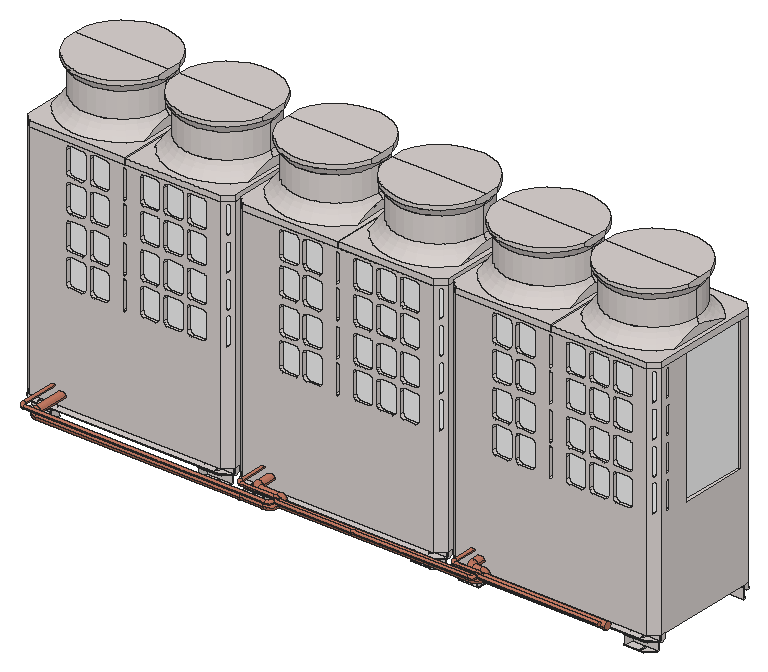
Revit family "PUHY-P1350YSNW-A1", category 機械設備, Revit 2016
Family settings
  パーツ タイプ = 標準
  丸型コネクタ寸法 = 半径を使用
  OmniClass 番号 = 23.75.00.00
  OmniClass タイトル = Climate Control (HVAC)
  作業面に基づく = いいえ
  常に垂直 = はい
  ロード時にボイドで切り取り = いいえ
  共有 = いいえ
  部屋の計算ポイント = いいえ
Parameters (values of type "PUHY-P1350YSNW-A1_380V_60Hz")
  モデル = "PUHY-P1350YSNW-A1"
  Width = 3780.000 mm
  WarrantyStart = ""
  Voltage = 380 V
  Unit Weight (kg) = 879
  URL = "http://www.mitsubishielectric.com/"
  Temp. range of heating (Outdoor temp.) (W.B.) = "-20.0 to 15.5"
  Temp. range of heating (Indoor temp.) (D.B.) = "15.0 to 27.0"
  Temp. range of cooling (Outdoor temp.) (D.B.) = "-5.0 to 52.0"
  Temp. range of cooling (Indoor temp.) (W.B.) = "15.0 to 24.0"
  TagNumber = 0
  Subcategory = "HVAC"
  Space View = yes
  Sound Pressure Level (dB(A)) Heating mode = 74.5
  Sound Pressure Level (dB(A)) Cooling mode = 70.5
  SerialNumber = 0
  ReplacementYear = ""
  Refrigerant type = "R410A"
  Refrigerant Charge (kg) = 32.4
  Protection Devices_Inverter circuit (COMP./FAN) = "Over-current protection"
  Protection Devices_High pressure (MPa) = "High pressure sensor, High pressure switch at 4.15"
  Phase = 3
  製造元 = "Mitsubishi Electric Corporation"
  Outdoor unit 3 Breaker size (A) = 60
  Outdoor unit 3 = PUHY-P450YNW-A1 : PUHY-P450YNW-A1
  Outdoor unit 2 Breaker size (A) = 60
  Outdoor unit 2 = PUHY-P450YNW-A1 : PUHY-P450YNW-A1
  Outdoor unit 1 Breaker size (A) = 60
  Outdoor unit 1 = PUHY-P450YNW-A1 : PUHY-P450YNW-A1
  Note_1 = "Refrigerant pipe diameters may change depending on the installation condition. Please refer to the installation manual."
  Maximum Circuit Ampacity (A) = 111.3
  Liquid pipe_radius = 9.525 mm
  InstallationDate = ""
  Indoor Unit Total Capacity = "50 to 130% of outdoor unit capacity"
  Indoor Unit Model/Quantity = "P10 to P250/3 to 50"
  Hertz = 60 Hz
  Height = 1858.000 mm
  Heating SCOP (kW/kW) = 3.71
  Heating Rated Load Ampacity (A) = 73
  Heating Power Input (kW) = 43.29
  Heating Power Input (Nominal) (kW) = 36.14
  Heating Current Input (Nominal) (A) = 61
  Heating Current Input (A) = 73
  Heating Capacity (kW) = 168
  Heating Capacity (Nominal) (kW) = 150
  Heating COP (kW/kW) = 3.88
  Heating COP (Nominal) (kW/kW) = 4.15
  Gas pipe_radius = 20.640 mm
  Fan_Type = "Propeller Fan"
  Fan_Quantity = 6
  Fan Motor Output (kW) = 2.76
  External static pressure (Pa) = 0
  External Finish = "Pre-coated galvanized steel sheets (+powder coating for -BS type) <MUNSELL 3Y 7.8/1.1 or similar>"
  Equip_description = ""
  Equip_No. = 0
  Equip_ID = ""
  Description = ""
  Depth = 740.000 mm
  CreatedOn = ""
  CreatedBy = ""
  Cooling SEER (kW/kW) = 6.34
  Cooling Rated Load Ampacity (A) = 76.2
  Cooling Power Input (kW) = 45.18
  Cooling EER (kW/kW) = 3.32
  Cooling Current Input (A) = 76.2
  Cooling Capacity (kW) = 150
  Compressor_Type = "Inverter scroll hermetic compressor"
  Compressor_Quantity = 3
  Compressor_Lubricant = "MEL32"
  Compressor Motor Output (kW) = 35.1
  Category = ""
  Barcode = ""
  AssetIdentifier = ""
  Airflow Rate (m3/min) = 915
  Airflow Rate (m3/h) = 54900
Reference planes
  plane 1 "Center (Front/Back)": y = 0
  plane 2: z = 0
  plane 3: z = 1710
  plane 4: z = 60
  plane 5: y = 370
  plane 6 "front": y = -370
  plane 7: x = -1890
  plane 8: x = -620
  plane 9: x = 620
  plane 10: x = -650
  plane 11: x = 650
  plane 12: y = 370
  plane 13: y = -370
  plane 14: z = 1858
  plane 15: x = 1890
  plane 16: x = 0
Forms (mm)
  Sweep 1, solid, material "Copper"
    path origin (137.855, 17.925, 192.255) x (0, -1, 0) y (1, 0, 0)
      loop
        line (380, -1839.039) -> (605, -1839.039)
        arc (605, -1839.039) -> (626.213, -1830.253) -> (635, -1809.039) r 30
        line (635, -1809.039) -> (635, -368.337)
        arc (635, -368.337) -> (629.142, -354.195) -> (615, -348.337) r 20
        line (615, -348.337) -> (590, -348.337)
        arc (590, -348.337) -> (575.858, -354.195) -> (570, -368.337) r 20
        line (570, -368.337) -> (570, -568.337)
        arc (570, -568.337) -> (564.142, -582.479) -> (550, -588.337) r 20
        line (550, -588.337) -> (380, -588.337)
    profile origin (-1701.184, -474.575, 192.255) x (1, 0, 0) y (0, 0, 1)
      loop
        circle (0, 0) r 9.525
  Sweep 2, solid, material "Copper"
    path origin (111.295, 17.925, 158.255) x (-1, 0, 0) y (0, -1, 0)
      loop
        line (1758.141, 380) -> (1758.141, 575)
        arc (1758.141, 575) -> (1747.889, 599.749) -> (1723.141, 610) r 35
        line (1723.141, 610) -> (502, 610) -> (364.723, 610)
        arc (364.723, 610) -> (339.974, 599.749) -> (329.723, 575) r 35
        line (329.723, 575) -> (329.723, 545)
        arc (329.723, 545) -> (339.974, 520.251) -> (364.723, 510) r 35
        line (364.723, 510) -> (475.673, 510)
        arc (475.673, 510) -> (500.421, 499.749) -> (510.673, 475) r 35
        line (510.673, 475) -> (510.673, 380)
    profile origin (-1646.846, -459.575, 158.255) x (1, 0, 0) y (0, 0, 1)
      loop
        circle (0, 0) r 20.64
  Sweep 3, solid, material "Copper"
    path origin (214.685, 17.925, 192.255) x (0, -1, 0) y (1, 0, 0)
      loop
        line (605, -426.689) -> (605, 43.311) -> (605, 737.327)
        arc (605, 737.327) -> (599.142, 751.469) -> (585, 757.327) r 20
        line (585, 757.327) -> (560.96, 757.327)
        arc (560.96, 757.327) -> (546.818, 751.469) -> (540.96, 737.327) r 20
        line (540.96, 737.327) -> (540.96, 607.327)
        arc (540.96, 607.327) -> (535.102, 593.185) -> (520.96, 587.327) r 20
        line (520.96, 587.327) -> (380, 587.327)
    profile origin (22.996, -587.075, 192.255) x (0, 1, 0) y (0, 0, 1)
      loop
        circle (0, 0) r 9.525
  Sweep 4, solid, material "Copper"
    path origin (188.125, 17.925, 158.255) x (-1, 0, 0) y (0, -1, 0)
      loop
        line (406.853, 555.96) -> (-741.149, 555.96)
        arc (-741.149, 555.96) -> (-765.897, 545.709) -> (-776.149, 520.96) r 35
        line (-776.149, 520.96) -> (-776.149, 510)
        arc (-776.149, 510) -> (-765.897, 485.251) -> (-741.149, 475) r 35
        line (-741.149, 475) -> (-696.149, 475)
        arc (-696.149, 475) -> (-671.4, 464.749) -> (-661.149, 440) r 35
        line (-661.149, 440) -> (-661.149, 380)
    profile origin (355.273, -538.035, 158.255) x (0, 1, 0) y (0, 0, 1)
      loop
        circle (0, 0) r 20.64
  Sweep 5, solid, material "Copper"
    path origin (249.685, 17.925, 192.255) x (0, -1, 0) y (1, 0, 0)
      loop
        line (572.806, 727.767) -> (572.806, 1455.315)
    profile origin (1341.226, -554.881, 192.255) x (0, 1, 0) y (0, 0, 1)
      loop
        circle (0, 0) r 9.525
  Sweep 6, solid, material "Copper"
    path origin (228.125, 17.925, 158.255) x (-1, 0, 0) y (0, -1, 0)
      loop
        line (-749.534, 515.995) -> (-1481.875, 515.995)
    profile origin (1343.83, -498.07, 158.255) x (0, 1, 0) y (0, 0, 1)
      loop
        circle (0, 0) r 20.64
Dimensions and locks
  nested 2 to nested 1 = 30.000 mm
  nested 1 to nested 1 = 1240.000 mm
  nested 2 to nested 2 = 1240.000 mm
  plane 11 to plane 15 = 1240.000 mm
  plane 9 to plane 11 = 30.000 mm
  "Liquid pipe_radius": radius of Sweep 5 sketch curve
  "Gas pipe_radius": radius of Sweep 6 sketch curve
  aligned and locked: level to plane 2
Automatic sketch dimensions
  Sweep 1 sketch curve to plane 6 "front" = 7.925 mm  (x2)
  plane 6 "front" to Sweep 1 sketch curve = 162.075 mm
  Sweep 1 sketch curve to Sweep 1 sketch curve = 20.000 mm  (x2)
  plane 6 "front" to Sweep 1 sketch curve = 217.075 mm
  Sweep 1 sketch curve to Sweep 1 sketch curve = 25.000 mm
  Sweep 1 sketch curve to Sweep 1 sketch curve = 30.000 mm
  profile plane to Sweep 1 sketch curve = 0.000 mm
  Sweep 1 sketch curve to profile plane = 0.000 mm
  Sweep 2 sketch curve to Sweep 2 sketch curve = 35.000 mm  (x3)
  plane 6 "front" to Sweep 2 sketch curve = 222.075 mm
  Sweep 2 sketch curve to Sweep 2 sketch curve = 30.000 mm
  Sweep 2 sketch curve to plane 6 "front" = 7.925 mm  (x2)
  profile plane to Sweep 2 sketch curve = 0.000 mm
  Sweep 2 sketch curve to profile plane = 0.000 mm
  Sweep 3 sketch curve to profile plane = 0.000 mm  (x2)
  plane 6 "front" to Sweep 4 sketch curve = 122.075 mm
  plane 6 "front" to Sweep 4 sketch curve = 87.075 mm
  Sweep 4 sketch curve to Sweep 4 sketch curve = 0.000 mm
  Sweep 4 sketch curve to Sweep 4 sketch curve = 45.000 mm
  plane 6 "front" to Sweep 4 sketch curve = 52.075 mm
  Sweep 4 sketch curve to Sweep 4 sketch curve = 60.000 mm
  Sweep 4 sketch curve to Sweep 4 sketch curve = 10.960 mm
  Sweep 4 sketch curve to profile plane = 0.000 mm  (x2)
  Sweep 3 sketch curve to plane 6 "front" = 7.925 mm
  plane 6 "front" to Sweep 3 sketch curve = 133.035 mm
  Sweep 3 sketch curve to Sweep 3 sketch curve = 20.000 mm  (x2)
  Sweep 3 sketch curve to Sweep 3 sketch curve = 24.040 mm
  plane 6 "front" to Sweep 3 sketch curve = 217.075 mm
  Sweep 3 sketch curve to Sweep 3 sketch curve = 470.000 mm
  Sweep 3 sketch curve to Sweep 3 sketch curve = 544.016 mm
  Sweep 3 sketch curve to Sweep 3 sketch curve = 130.000 mm
  Sweep 1 sketch curve to Sweep 1 sketch curve = 1220.702 mm
  Sweep 2 sketch curve to Sweep 2 sketch curve = 1212.468 mm
  Sweep 4 sketch curve to Sweep 4 sketch curve = 1068.002 mm
  plane 6 "front" to Sweep 5 sketch curve = 184.881 mm
  plane 6 "front" to Sweep 6 sketch curve = 128.070 mm
  Sweep 5 sketch curve to profile plane = 0.000 mm  (x2)
  Sweep 6 sketch curve to profile plane = 0.000 mm  (x2)
  plane 11 to Sweep 5 sketch curve = 327.453 mm
  Sweep 5 sketch curve to plane 15 = 185.000 mm
  Sweep 6 sketch curve to plane 15 = 180.000 mm
  plane 11 to Sweep 6 sketch curve = 327.659 mm
  plane 7 to Sweep 1 sketch curve = 188.816 mm
  Sweep 1 sketch curve to Sweep 1 sketch curve = 200.000 mm
  plane 6 "front" to Sweep 2 sketch curve = 157.075 mm
  Sweep 2 sketch curve to plane 8 = 401.573 mm
  Sweep 2 sketch curve to Sweep 2 sketch curve = 110.950 mm
  Sweep 2 sketch curve to Sweep 2 sketch curve = 26.327 mm
  Sweep 3 sketch curve to plane 9 = 362.004 mm
  plane 11 to Sweep 4 sketch curve = 314.274 mm
  radius of Sweep 1 sketch curve = 9.525 mm
  radius of Sweep 2 sketch curve = 20.640 mm
  radius of Sweep 3 sketch curve = 9.525 mm
  radius of Sweep 4 sketch curve = 20.640 mm
Nested families
  nested 1: "PUHY-P450YNW-A1" at (0, 0, 0), type <- "Outdoor unit 2", type "PUHY-P450YNW-A1"
  nested 2: "PUHY-P450YNW-A1" at (-1270, 0, 0), type <- "Outdoor unit 1", type "PUHY-P450YNW-A1"
  nested 3: "PUHY-P450YNW-A1" at (1270, 0, 0), type <- "Outdoor unit 3", type "PUHY-P450YNW-A1"
Connectors
  piping at (1710, -498.07, 158.255), diameter 41.28, driven by "Gas pipe_radius"
    settings: on Sweep 6, index 1, connector inside diameter 41.28 mm, connector length 0.000 mm, flow factor 0, pipe flow 0.0 L/s, pressure drop 0.0 Pa, fitting loss kfactor 0, connector angle 0.00°, fixture units 0, engagement length 0.000 mm, angle of deflection 0.00°, flow configuration 0, flow direction 0, fitting loss method 0, system type 22, joint type 0, gender type 0, connector reference index -1, connector utility 0, adjustable connector no, is connector primary yes, connector description "Indoor unit-Twinning pipe(Gas)"
  piping at (1705, -554.881, 192.255), diameter 19.05, driven by "Liquid pipe_radius"
    settings: on Sweep 5, index 2, connector inside diameter 19.05 mm, connector length 0.000 mm, flow factor 0, pipe flow 0.0 L/s, pressure drop 0.0 Pa, fitting loss kfactor 0, connector angle 0.00°, fixture units 0, engagement length 0.000 mm, angle of deflection 0.00°, flow configuration 0, flow direction 0, fitting loss method 0, system type 22, joint type 0, gender type 0, connector reference index -1, connector utility 0, adjustable connector no, is connector primary no, connector description "Indoor unit-Twinning pipe(Liquid)"
  electrical at (992, -370, 279), driven by "Phase", driven by "Voltage"
    settings: index 3, voltage 380 V, apparent load 0 VA, apparent load phase1 0 VA, apparent load phase2 0 VA, apparent load phase3 0 VA, power factor 1, load classification "HVAC", number of poles 3, system type 30, power factor state 1, is connector primary yes, connector utility no, sub classification motor no, connector description ""
  electrical at (-258, -370, 279), driven by "Phase", driven by "Voltage"
    settings: index 4, voltage 380 V, apparent load 0 VA, apparent load phase1 0 VA, apparent load phase2 0 VA, apparent load phase3 0 VA, power factor 1, load classification "HVAC", number of poles 3, system type 30, power factor state 1, is connector primary no, connector utility no, sub classification motor no, connector description ""
  electrical at (-1508, -370, 279), driven by "Phase", driven by "Voltage"
    settings: index 5, voltage 380 V, apparent load 0 VA, apparent load phase1 0 VA, apparent load phase2 0 VA, apparent load phase3 0 VA, power factor 1, load classification "HVAC", number of poles 3, system type 30, power factor state 1, is connector primary no, connector utility no, sub classification motor no, connector description ""
Definition of nested family "PUHY-P450YNW-A1"
  Parameters
    Model = "PUHY-P400YNW-A"
    URL = "http://www.mitsubishielectric.com/"
    Manufacturer = "Mitsubishi Electric Corporation"
    Liquid pipe_radius = 12.700 mm
    Gas pipe_radius = 14.290 mm
  Reference planes
    plane 1 "Center (Front/Back)": y = 0
    plane 2: z = 0
    plane 3 "Center (Left/Right)": x = 0
    plane 4: y = 370
    plane 5: z = 1858
    plane 6: y = -260
    plane 7: y = -204
    plane 8: y = -185
    plane 9: x = -620
    plane 10: x = 620
    plane 11: x = -620
    plane 12: z = 716
    plane 13: x = -524
    plane 14: z = 669
    plane 15: x = -50.5
    plane 16: x = 51
    plane 17: x = 489
    plane 18: x = 467
    plane 19 "132": x = 488
    plane 20 "100": z = 160
    plane 21: z = 185
    plane 22: x = 413
    plane 23: x = 364
    plane 24: z = 150
    plane 25: x = -287.25
    plane 26: x = -137.25
    plane 27: x = -272.25
    plane 28: y = -278
    plane 29: z = 1509
    plane 30: y = -370
    plane 31: x = -530
    plane 32: x = 530
    plane 33 "179": y = -191
  Forms (mm)
    Extrusion 1, solid
      sketch origin (-1, 0, 113) x (-1, 0, 0) y (0, -1, 0)
        loop
          line (569, -370) -> (619, -320) -> (619, 320) -> (569, 370) -> (-571, 370) -> (-621, 320) -> (-621, -320) -> (-571, -370) -> (569, -370)
      from -18 to 1408
    Extrusion 2, void
      sketch origin (524, -370, 113) x (1, 0, 0) y (0, 0, -1)
        loop
          arc (-60.8, -1393.5) -> (-42.557, -1385.943) -> (-35, -1367.7) r 25.8
          line (-35, -1367.7) -> (-35, -1248.5)
          arc (-35, -1248.5) -> (-42.557, -1230.257) -> (-60.8, -1222.7) r 25.8
          line (-60.8, -1222.7) -> (-126, -1222.7)
          arc (-126, -1222.7) -> (-144.243, -1230.257) -> (-151.8, -1248.5) r 25.8
          line (-151.8, -1248.5) -> (-151.8, -1367.7)
          arc (-151.8, -1367.7) -> (-144.243, -1385.943) -> (-126, -1393.5) r 25.8
          line (-126, -1393.5) -> (-60.8, -1393.5)
      from 0 to 20
    Extrusion 3, void
      sketch origin (524, -370, -81) x (1, 0, 0) y (0, 0, -1)
        loop
          arc (-60.8, -1393.5) -> (-42.557, -1385.943) -> (-35, -1367.7) r 25.8
          line (-35, -1367.7) -> (-35, -1248.5)
          arc (-35, -1248.5) -> (-42.557, -1230.257) -> (-60.8, -1222.7) r 25.8
          line (-60.8, -1222.7) -> (-126, -1222.7)
          arc (-126, -1222.7) -> (-144.243, -1230.257) -> (-151.8, -1248.5) r 25.8
          line (-151.8, -1248.5) -> (-151.8, -1367.7)
          arc (-151.8, -1367.7) -> (-144.243, -1385.943) -> (-126, -1393.5) r 25.8
          line (-126, -1393.5) -> (-60.8, -1393.5)
      from 0 to 20
    Extrusion 4, void
      sketch origin (524, -370, -287) x (1, 0, 0) y (0, 0, -1)
        loop
          arc (-60.8, -1393.5) -> (-42.557, -1385.943) -> (-35, -1367.7) r 25.8
          line (-35, -1367.7) -> (-35, -1248.5)
          arc (-35, -1248.5) -> (-42.557, -1230.257) -> (-60.8, -1222.7) r 25.8
          line (-60.8, -1222.7) -> (-126, -1222.7)
          arc (-126, -1222.7) -> (-144.243, -1230.257) -> (-151.8, -1248.5) r 25.8
          line (-151.8, -1248.5) -> (-151.8, -1367.7)
          arc (-151.8, -1367.7) -> (-144.243, -1385.943) -> (-126, -1393.5) r 25.8
          line (-126, -1393.5) -> (-60.8, -1393.5)
      from 0 to 20
    Extrusion 5, void
      sketch origin (524, -370, -481) x (1, 0, 0) y (0, 0, -1)
        loop
          arc (-60.8, -1393.5) -> (-42.557, -1385.943) -> (-35, -1367.7) r 25.8
          line (-35, -1367.7) -> (-35, -1248.5)
          arc (-35, -1248.5) -> (-42.557, -1230.257) -> (-60.8, -1222.7) r 25.8
          line (-60.8, -1222.7) -> (-126, -1222.7)
          arc (-126, -1222.7) -> (-144.243, -1230.257) -> (-151.8, -1248.5) r 25.8
          line (-151.8, -1248.5) -> (-151.8, -1367.7)
          arc (-151.8, -1367.7) -> (-144.243, -1385.943) -> (-126, -1393.5) r 25.8
          line (-126, -1393.5) -> (-60.8, -1393.5)
      from 0 to 20
    Extrusion 6, void
      sketch origin (384, -370, 113) x (1, 0, 0) y (0, 0, -1)
        loop
          arc (-60.8, -1393.5) -> (-42.557, -1385.943) -> (-35, -1367.7) r 25.8
          line (-35, -1367.7) -> (-35, -1248.5)
          arc (-35, -1248.5) -> (-42.557, -1230.257) -> (-60.8, -1222.7) r 25.8
          line (-60.8, -1222.7) -> (-126, -1222.7)
          arc (-126, -1222.7) -> (-144.243, -1230.257) -> (-151.8, -1248.5) r 25.8
          line (-151.8, -1248.5) -> (-151.8, -1367.7)
          arc (-151.8, -1367.7) -> (-144.243, -1385.943) -> (-126, -1393.5) r 25.8
          line (-126, -1393.5) -> (-60.8, -1393.5)
      from 0 to 20
    Extrusion 7, void
      sketch origin (384, -370, -81) x (1, 0, 0) y (0, 0, -1)
        loop
          arc (-60.8, -1393.5) -> (-42.557, -1385.943) -> (-35, -1367.7) r 25.8
          line (-35, -1367.7) -> (-35, -1248.5)
          arc (-35, -1248.5) -> (-42.557, -1230.257) -> (-60.8, -1222.7) r 25.8
          line (-60.8, -1222.7) -> (-126, -1222.7)
          arc (-126, -1222.7) -> (-144.243, -1230.257) -> (-151.8, -1248.5) r 25.8
          line (-151.8, -1248.5) -> (-151.8, -1367.7)
          arc (-151.8, -1367.7) -> (-144.243, -1385.943) -> (-126, -1393.5) r 25.8
          line (-126, -1393.5) -> (-60.8, -1393.5)
      from 0 to 20
    Extrusion 8, void
      sketch origin (384, -370, -287) x (1, 0, 0) y (0, 0, -1)
        loop
          arc (-60.8, -1393.5) -> (-42.557, -1385.943) -> (-35, -1367.7) r 25.8
          line (-35, -1367.7) -> (-35, -1248.5)
          arc (-35, -1248.5) -> (-42.557, -1230.257) -> (-60.8, -1222.7) r 25.8
          line (-60.8, -1222.7) -> (-126, -1222.7)
          arc (-126, -1222.7) -> (-144.243, -1230.257) -> (-151.8, -1248.5) r 25.8
          line (-151.8, -1248.5) -> (-151.8, -1367.7)
          arc (-151.8, -1367.7) -> (-144.243, -1385.943) -> (-126, -1393.5) r 25.8
          line (-126, -1393.5) -> (-60.8, -1393.5)
      from 0 to 20
    Extrusion 9, void
      sketch origin (384, -370, -481) x (1, 0, 0) y (0, 0, -1)
        loop
          arc (-60.8, -1393.5) -> (-42.557, -1385.943) -> (-35, -1367.7) r 25.8
          line (-35, -1367.7) -> (-35, -1248.5)
          arc (-35, -1248.5) -> (-42.557, -1230.257) -> (-60.8, -1222.7) r 25.8
          line (-60.8, -1222.7) -> (-126, -1222.7)
          arc (-126, -1222.7) -> (-144.243, -1230.257) -> (-151.8, -1248.5) r 25.8
          line (-151.8, -1248.5) -> (-151.8, -1367.7)
          arc (-151.8, -1367.7) -> (-144.243, -1385.943) -> (-126, -1393.5) r 25.8
          line (-126, -1393.5) -> (-60.8, -1393.5)
      from 0 to 20
    Extrusion 10, void
      sketch origin (244, -370, 113) x (1, 0, 0) y (0, 0, -1)
        loop
          arc (-60.8, -1393.5) -> (-42.557, -1385.943) -> (-35, -1367.7) r 25.8
          line (-35, -1367.7) -> (-35, -1248.5)
          arc (-35, -1248.5) -> (-42.557, -1230.257) -> (-60.8, -1222.7) r 25.8
          line (-60.8, -1222.7) -> (-126, -1222.7)
          arc (-126, -1222.7) -> (-144.243, -1230.257) -> (-151.8, -1248.5) r 25.8
          line (-151.8, -1248.5) -> (-151.8, -1367.7)
          arc (-151.8, -1367.7) -> (-144.243, -1385.943) -> (-126, -1393.5) r 25.8
          line (-126, -1393.5) -> (-60.8, -1393.5)
      from 0 to 20
    Extrusion 11, void
      sketch origin (244, -370, -81) x (1, 0, 0) y (0, 0, -1)
        loop
          arc (-60.8, -1393.5) -> (-42.557, -1385.943) -> (-35, -1367.7) r 25.8
          line (-35, -1367.7) -> (-35, -1248.5)
          arc (-35, -1248.5) -> (-42.557, -1230.257) -> (-60.8, -1222.7) r 25.8
          line (-60.8, -1222.7) -> (-126, -1222.7)
          arc (-126, -1222.7) -> (-144.243, -1230.257) -> (-151.8, -1248.5) r 25.8
          line (-151.8, -1248.5) -> (-151.8, -1367.7)
          arc (-151.8, -1367.7) -> (-144.243, -1385.943) -> (-126, -1393.5) r 25.8
          line (-126, -1393.5) -> (-60.8, -1393.5)
      from 0 to 20
    Extrusion 12, void
      sketch origin (244, -370, -287) x (1, 0, 0) y (0, 0, -1)
        loop
          arc (-60.8, -1393.5) -> (-42.557, -1385.943) -> (-35, -1367.7) r 25.8
          line (-35, -1367.7) -> (-35, -1248.5)
          arc (-35, -1248.5) -> (-42.557, -1230.257) -> (-60.8, -1222.7) r 25.8
          line (-60.8, -1222.7) -> (-126, -1222.7)
          arc (-126, -1222.7) -> (-144.243, -1230.257) -> (-151.8, -1248.5) r 25.8
          line (-151.8, -1248.5) -> (-151.8, -1367.7)
          arc (-151.8, -1367.7) -> (-144.243, -1385.943) -> (-126, -1393.5) r 25.8
          line (-126, -1393.5) -> (-60.8, -1393.5)
      from 0 to 20
    Extrusion 13, void
      sketch origin (244, -370, -481) x (1, 0, 0) y (0, 0, -1)
        loop
          arc (-60.8, -1393.5) -> (-42.557, -1385.943) -> (-35, -1367.7) r 25.8
          line (-35, -1367.7) -> (-35, -1248.5)
          arc (-35, -1248.5) -> (-42.557, -1230.257) -> (-60.8, -1222.7) r 25.8
          line (-60.8, -1222.7) -> (-126, -1222.7)
          arc (-126, -1222.7) -> (-144.243, -1230.257) -> (-151.8, -1248.5) r 25.8
          line (-151.8, -1248.5) -> (-151.8, -1367.7)
          arc (-151.8, -1367.7) -> (-144.243, -1385.943) -> (-126, -1393.5) r 25.8
          line (-126, -1393.5) -> (-60.8, -1393.5)
      from 0 to 20
    Extrusion 14, void
      sketch origin (-56, -370, 113) x (1, 0, 0) y (0, 0, -1)
        loop
          arc (-60.8, -1393.5) -> (-42.557, -1385.943) -> (-35, -1367.7) r 25.8
          line (-35, -1367.7) -> (-35, -1248.5)
          arc (-35, -1248.5) -> (-42.557, -1230.257) -> (-60.8, -1222.7) r 25.8
          line (-60.8, -1222.7) -> (-126, -1222.7)
          arc (-126, -1222.7) -> (-144.243, -1230.257) -> (-151.8, -1248.5) r 25.8
          line (-151.8, -1248.5) -> (-151.8, -1367.7)
          arc (-151.8, -1367.7) -> (-144.243, -1385.943) -> (-126, -1393.5) r 25.8
          line (-126, -1393.5) -> (-60.8, -1393.5)
      from 0 to 20
    Extrusion 15, void
      sketch origin (-56, -370, -81) x (1, 0, 0) y (0, 0, -1)
        loop
          arc (-60.8, -1393.5) -> (-42.557, -1385.943) -> (-35, -1367.7) r 25.8
          line (-35, -1367.7) -> (-35, -1248.5)
          arc (-35, -1248.5) -> (-42.557, -1230.257) -> (-60.8, -1222.7) r 25.8
          line (-60.8, -1222.7) -> (-126, -1222.7)
          arc (-126, -1222.7) -> (-144.243, -1230.257) -> (-151.8, -1248.5) r 25.8
          line (-151.8, -1248.5) -> (-151.8, -1367.7)
          arc (-151.8, -1367.7) -> (-144.243, -1385.943) -> (-126, -1393.5) r 25.8
          line (-126, -1393.5) -> (-60.8, -1393.5)
      from 0 to 20
    Extrusion 16, void
      sketch origin (-56, -370, -287) x (1, 0, 0) y (0, 0, -1)
        loop
          arc (-60.8, -1393.5) -> (-42.557, -1385.943) -> (-35, -1367.7) r 25.8
          line (-35, -1367.7) -> (-35, -1248.5)
          arc (-35, -1248.5) -> (-42.557, -1230.257) -> (-60.8, -1222.7) r 25.8
          line (-60.8, -1222.7) -> (-126, -1222.7)
          arc (-126, -1222.7) -> (-144.243, -1230.257) -> (-151.8, -1248.5) r 25.8
          line (-151.8, -1248.5) -> (-151.8, -1367.7)
          arc (-151.8, -1367.7) -> (-144.243, -1385.943) -> (-126, -1393.5) r 25.8
          line (-126, -1393.5) -> (-60.8, -1393.5)
      from 0 to 20
    Extrusion 17, void
      sketch origin (-56, -370, -481) x (1, 0, 0) y (0, 0, -1)
        loop
          arc (-60.8, -1393.5) -> (-42.557, -1385.943) -> (-35, -1367.7) r 25.8
          line (-35, -1367.7) -> (-35, -1248.5)
          arc (-35, -1248.5) -> (-42.557, -1230.257) -> (-60.8, -1222.7) r 25.8
          line (-60.8, -1222.7) -> (-126, -1222.7)
          arc (-126, -1222.7) -> (-144.243, -1230.257) -> (-151.8, -1248.5) r 25.8
          line (-151.8, -1248.5) -> (-151.8, -1367.7)
          arc (-151.8, -1367.7) -> (-144.243, -1385.943) -> (-126, -1393.5) r 25.8
          line (-126, -1393.5) -> (-60.8, -1393.5)
      from 0 to 20
    Extrusion 18, void
      sketch origin (-196, -370, 113) x (1, 0, 0) y (0, 0, -1)
        loop
          arc (-60.8, -1393.5) -> (-42.557, -1385.943) -> (-35, -1367.7) r 25.8
          line (-35, -1367.7) -> (-35, -1248.5)
          arc (-35, -1248.5) -> (-42.557, -1230.257) -> (-60.8, -1222.7) r 25.8
          line (-60.8, -1222.7) -> (-126, -1222.7)
          arc (-126, -1222.7) -> (-144.243, -1230.257) -> (-151.8, -1248.5) r 25.8
          line (-151.8, -1248.5) -> (-151.8, -1367.7)
          arc (-151.8, -1367.7) -> (-144.243, -1385.943) -> (-126, -1393.5) r 25.8
          line (-126, -1393.5) -> (-60.8, -1393.5)
      from 0 to 20
    Extrusion 19, void
      sketch origin (-196, -370, -81) x (1, 0, 0) y (0, 0, -1)
        loop
          arc (-60.8, -1393.5) -> (-42.557, -1385.943) -> (-35, -1367.7) r 25.8
          line (-35, -1367.7) -> (-35, -1248.5)
          arc (-35, -1248.5) -> (-42.557, -1230.257) -> (-60.8, -1222.7) r 25.8
          line (-60.8, -1222.7) -> (-126, -1222.7)
          arc (-126, -1222.7) -> (-144.243, -1230.257) -> (-151.8, -1248.5) r 25.8
          line (-151.8, -1248.5) -> (-151.8, -1367.7)
          arc (-151.8, -1367.7) -> (-144.243, -1385.943) -> (-126, -1393.5) r 25.8
          line (-126, -1393.5) -> (-60.8, -1393.5)
      from 0 to 20
    Extrusion 20, void
      sketch origin (-196, -370, -287) x (1, 0, 0) y (0, 0, -1)
        loop
          arc (-60.8, -1393.5) -> (-42.557, -1385.943) -> (-35, -1367.7) r 25.8
          line (-35, -1367.7) -> (-35, -1248.5)
          arc (-35, -1248.5) -> (-42.557, -1230.257) -> (-60.8, -1222.7) r 25.8
          line (-60.8, -1222.7) -> (-126, -1222.7)
          arc (-126, -1222.7) -> (-144.243, -1230.257) -> (-151.8, -1248.5) r 25.8
          line (-151.8, -1248.5) -> (-151.8, -1367.7)
          arc (-151.8, -1367.7) -> (-144.243, -1385.943) -> (-126, -1393.5) r 25.8
          line (-126, -1393.5) -> (-60.8, -1393.5)
      from 0 to 20
    Extrusion 21, void
      sketch origin (-196, -370, -481) x (1, 0, 0) y (0, 0, -1)
        loop
          arc (-60.8, -1393.5) -> (-42.557, -1385.943) -> (-35, -1367.7) r 25.8
          line (-35, -1367.7) -> (-35, -1248.5)
          arc (-35, -1248.5) -> (-42.557, -1230.257) -> (-60.8, -1222.7) r 25.8
          line (-60.8, -1222.7) -> (-126, -1222.7)
          arc (-126, -1222.7) -> (-144.243, -1230.257) -> (-151.8, -1248.5) r 25.8
          line (-151.8, -1248.5) -> (-151.8, -1367.7)
          arc (-151.8, -1367.7) -> (-144.243, -1385.943) -> (-126, -1393.5) r 25.8
          line (-126, -1393.5) -> (-60.8, -1393.5)
      from 0 to 20
    Extrusion 22, void
      sketch origin (620, 320, 113) x (0, 1, 0) y (0, 0, -1)
        loop
          line (-462.3, -1408) -> (-50.8, -1408) -> (-50.8, -612) -> (-462.3, -612) -> (-462.3, -1408)
      from 0 to 20
    Extrusion 23, void
      sketch origin (-620, -320, 113) x (0, -1, 0) y (0, 0, -1)
        loop
          line (-535.7, -1408) -> (-207.7, -1408) -> (-207.7, -592) -> (-535.7, -592) -> (-535.7, -1408)
      from 0 to 20
    Extrusion 24, void
      sketch origin (194.892, 370, 113) x (-1, 0, 0) y (0, 0, -1)
        loop
          arc (204.892, -1225.013) -> (194.892, -1215.013) -> (184.892, -1225.013) r 10
          line (184.892, -1225.013) -> (184.892, -1379.987)
          arc (184.892, -1379.987) -> (194.892, -1389.987) -> (204.892, -1379.987) r 10
          line (204.892, -1379.987) -> (204.892, -1225.013)
        loop
          arc (204.892, -1031.013) -> (194.892, -1021.013) -> (184.892, -1031.013) r 10
          line (184.892, -1031.013) -> (184.892, -1185.987)
          arc (184.892, -1185.987) -> (194.892, -1195.987) -> (204.892, -1185.987) r 10
          line (204.892, -1185.987) -> (204.892, -1031.013)
        loop
          arc (204.892, -825.013) -> (194.892, -815.013) -> (184.892, -825.013) r 10
          line (184.892, -825.013) -> (184.892, -979.987)
          arc (184.892, -979.987) -> (194.892, -989.987) -> (204.892, -979.987) r 10
          line (204.892, -979.987) -> (204.892, -825.013)
        loop
          arc (204.892, -631.013) -> (194.892, -621.013) -> (184.892, -631.013) r 10
          line (184.892, -631.013) -> (184.892, -785.987)
          arc (184.892, -785.987) -> (194.892, -795.987) -> (204.892, -785.987) r 10
          line (204.892, -785.987) -> (204.892, -631.013)
      from 0 to 20
    Extrusion 25, void
      sketch origin (-570, 370, 113) x (0.707107, 0.707107, 0) y (0, 0, 1)
        loop
          arc (-45.355, 1236) -> (-35.355, 1226) -> (-25.355, 1236) r 10
          line (-25.355, 1236) -> (-25.355, 1386)
          arc (-25.355, 1386) -> (-35.355, 1396) -> (-45.355, 1386) r 10
          line (-45.355, 1386) -> (-45.355, 1236)
        loop
          arc (-45.355, 1036) -> (-35.355, 1026) -> (-25.355, 1036) r 10
          line (-25.355, 1036) -> (-25.355, 1186)
          arc (-25.355, 1186) -> (-35.355, 1196) -> (-45.355, 1186) r 10
          line (-45.355, 1186) -> (-45.355, 1036)
        loop
          arc (-45.355, 836) -> (-35.355, 826) -> (-25.355, 836) r 10
          line (-25.355, 836) -> (-25.355, 986)
          arc (-25.355, 986) -> (-35.355, 996) -> (-45.355, 986) r 10
          line (-45.355, 986) -> (-45.355, 836)
        loop
          arc (-45.355, 641) -> (-35.355, 631) -> (-25.355, 641) r 10
          line (-25.355, 641) -> (-25.355, 791)
          arc (-25.355, 791) -> (-35.355, 801) -> (-45.355, 791) r 10
          line (-45.355, 791) -> (-45.355, 641)
      from 0 to 20
    Extrusion 26, void
      sketch origin (-620, -320, 113) x (0, -1, 0) y (0, 0, -1)
        loop
          line (-607.846, -1035.895) -> (-607.846, -1186.105)
          arc (-607.846, -1186.105) -> (-597.846, -1196.105) -> (-587.846, -1186.105) r 10
          line (-587.846, -1186.105) -> (-587.846, -1035.895)
          arc (-587.846, -1035.895) -> (-597.846, -1025.895) -> (-607.846, -1035.895) r 10
        loop
          line (-607.846, -835.895) -> (-607.846, -986.105)
          arc (-607.846, -986.105) -> (-597.846, -996.105) -> (-587.846, -986.105) r 10
          line (-587.846, -986.105) -> (-587.846, -835.895)
          arc (-587.846, -835.895) -> (-597.846, -825.895) -> (-607.846, -835.895) r 10
        loop
          line (-607.846, -1235.895) -> (-607.846, -1386.105)
          arc (-607.846, -1386.105) -> (-597.846, -1396.105) -> (-587.846, -1386.105) r 10
          line (-587.846, -1386.105) -> (-587.846, -1235.895)
          arc (-587.846, -1235.895) -> (-597.846, -1225.895) -> (-607.846, -1235.895) r 10
        loop
          line (-607.846, -635.895) -> (-607.846, -786.105)
          arc (-607.846, -786.105) -> (-597.846, -796.105) -> (-587.846, -786.105) r 10
          line (-587.846, -786.105) -> (-587.846, -635.895)
          arc (-587.846, -635.895) -> (-597.846, -625.895) -> (-607.846, -635.895) r 10
      from 0 to 20
    Extrusion 27, void
      sketch origin (1079, -370, 113) x (1, 0, 0) y (0, 0, -1)
        loop
          arc (-1089, -1379.975) -> (-1079, -1389.975) -> (-1069, -1379.975) r 10
          line (-1069, -1379.975) -> (-1069, -1225)
          arc (-1069, -1225) -> (-1079, -1215) -> (-1089, -1225) r 10
          line (-1089, -1225) -> (-1089, -1379.975)
        loop
          arc (-1089, -1185.975) -> (-1079, -1195.975) -> (-1069, -1185.975) r 10
          line (-1069, -1185.975) -> (-1069, -1031)
          arc (-1069, -1031) -> (-1079, -1021) -> (-1089, -1031) r 10
          line (-1089, -1031) -> (-1089, -1185.975)
        loop
          arc (-1089, -979.975) -> (-1079, -989.975) -> (-1069, -979.975) r 10
          line (-1069, -979.975) -> (-1069, -825)
          arc (-1069, -825) -> (-1079, -815) -> (-1089, -825) r 10
          line (-1089, -825) -> (-1089, -979.975)
        loop
          arc (-1089, -785.975) -> (-1079, -795.975) -> (-1069, -785.975) r 10
          line (-1069, -785.975) -> (-1069, -631)
          arc (-1069, -631) -> (-1079, -621) -> (-1089, -631) r 10
          line (-1089, -631) -> (-1089, -785.975)
      from 0 to 20
    Extrusion 28, void
      sketch origin (-571, 370, 113) x (-1, 0, 0) y (0, 0, -1)
        loop
          line (-519.5, -1408) -> (-48, -1408) -> (-48, -556) -> (-519.5, -556) -> (-519.5, -1408)
      from 0 to 20
    Extrusion 29, void
      sketch origin (-571, 370, 113) x (-1, 0, 0) y (0, 0, -1)
        loop
          line (-1038, -1408) -> (-622, -1408) -> (-622, -556) -> (-1038, -556) -> (-1038, -1408)
      from 0 to 20
    Extrusion 30, void
      sketch origin (620, 320, 113) x (0, 1, 0) y (0, 0, -1)
        loop
          arc (-588, -1035.791) -> (-598, -1025.791) -> (-608, -1035.791) r 10
          line (-608, -1035.791) -> (-608, -1186)
          arc (-608, -1186) -> (-598, -1196) -> (-588, -1186) r 10
          line (-588, -1186) -> (-588, -1035.791)
        loop
          arc (-588, -835.791) -> (-598, -825.791) -> (-608, -835.791) r 10
          line (-608, -835.791) -> (-608, -986)
          arc (-608, -986) -> (-598, -996) -> (-588, -986) r 10
          line (-588, -986) -> (-588, -835.791)
        loop
          arc (-588, -1235.791) -> (-598, -1225.791) -> (-608, -1235.791) r 10
          line (-608, -1235.791) -> (-608, -1386)
          arc (-608, -1386) -> (-598, -1396) -> (-588, -1386) r 10
          line (-588, -1386) -> (-588, -1235.791)
        loop
          arc (-588, -635.791) -> (-598, -625.791) -> (-608, -635.791) r 10
          line (-608, -635.791) -> (-608, -786)
          arc (-608, -786) -> (-598, -796) -> (-588, -786) r 10
          line (-588, -786) -> (-588, -635.791)
      from 0 to 20
    Extrusion 31, void
      sketch origin (1291.751, 351.751, 113) x (0.707107, 0.707107, 0) y (0, 0, -1)
        loop
          line (-995.311, -1236) -> (-995.311, -1386)
          arc (-995.311, -1386) -> (-985.311, -1396) -> (-975.311, -1386) r 10
          line (-975.311, -1386) -> (-975.311, -1236)
          arc (-975.311, -1236) -> (-985.311, -1226) -> (-995.311, -1236) r 10
        loop
          line (-995.311, -1036) -> (-995.311, -1186)
          arc (-995.311, -1186) -> (-985.311, -1196) -> (-975.311, -1186) r 10
          line (-975.311, -1186) -> (-975.311, -1036)
          arc (-975.311, -1036) -> (-985.311, -1026) -> (-995.311, -1036) r 10
        loop
          line (-995.311, -836) -> (-995.311, -986)
          arc (-995.311, -986) -> (-985.311, -996) -> (-975.311, -986) r 10
          line (-975.311, -986) -> (-975.311, -836)
          arc (-975.311, -836) -> (-985.311, -826) -> (-995.311, -836) r 10
        loop
          line (-995.311, -641) -> (-995.311, -791)
          arc (-995.311, -791) -> (-985.311, -801) -> (-975.311, -791) r 10
          line (-975.311, -791) -> (-975.311, -641)
          arc (-975.311, -641) -> (-985.311, -631) -> (-995.311, -641) r 10
      from 0 to 20
    Extrusion 32, void
      sketch origin (0, -191, 0) x (-1, 0, 0) y (0, 0, 1)
        loop
          circle (460, 176) r 6.35
      from 0 to 78.7
    Extrusion 33, void
      sketch origin (0, -191, 0) x (-1, 0, 0) y (0, 0, 1)
        loop
          circle (377, 176) r 14.29
      from 0 to 78.7
  Cuts and joins
    Extrusion 2, Extrusion 3, Extrusion 4, Extrusion 5, Extrusion 6, Extrusion 7, Extrusion 8, Extrusion 9, Extrusion 10, Extrusion 11, Extrusion 12, Extrusion 13, Extrusion 14, Extrusion 15, Extrusion 16, Extrusion 17, Extrusion 18, Extrusion 19, Extrusion 20, Extrusion 21, Extrusion 22, Extrusion 23, Extrusion 24, Extrusion 25, Extrusion 26, Extrusion 27, Extrusion 28, Extrusion 29, Extrusion 30, Extrusion 31, Extrusion 32, Extrusion 33 cuts Extrusion 1
  Lines and regions (mm)
    model lines
      curve 1: line (-351, -291, 95) -> (-481, -291, 95)
      curve 2: line (-342, -206, 95) -> (-342, -282, 95)
      curve 3: line (-481, -197, 95) -> (-351, -197, 95)
      curve 4: line (-492, -280, 95) -> (-492, -208, 95)
      curve 5: arc (-492, -280, 95) -> (-488.778, -287.778, 95) -> (-481, -291, 95) r 11
      curve 6: arc (-351, -291, 95) -> (-344.636, -288.364, 95) -> (-342, -282, 95) r 9
      curve 7: arc (-342, -206, 95) -> (-344.636, -199.636, 95) -> (-351, -197, 95) r 9
      curve 8: arc (-481, -197, 95) -> (-488.778, -200.222, 95) -> (-492, -208, 95) r 11
      curve 9: line (-30, -370, 1521) -> (-30, -370, 95)
      curve 10: line (30, -370, 1521) -> (30, -370, 95)
      curve 11: line (-485, -370, 215) -> (-357, -370, 215)
      curve 12: line (-495, -370, 141) -> (-495, -370, 205)
      curve 13: line (-357, -370, 131) -> (-485, -370, 131)
      curve 14: line (-347, -370, 205) -> (-347, -370, 141)
      curve 15: arc (-485, -370, 215) -> (-492.071, -370, 212.071) -> (-495, -370, 205) r 10
      curve 16: arc (-495, -370, 141) -> (-492.071, -370, 133.929) -> (-485, -370, 131) r 10
      curve 17: arc (-357, -370, 131) -> (-349.929, -370, 133.929) -> (-347, -370, 141) r 10
      curve 18: arc (-347, -370, 205) -> (-349.929, -370, 212.071) -> (-357, -370, 215) r 10
      curve 19: line (-405, -370, 1521) -> (-405, -370, 716)
      curve 20: line (620, -162.3, 1521) -> (620, -162.3, 95)
      curve 21: line (620, 289.2, 1521) -> (620, 289.2, 95)
      curve 22: line (620, -162.3, 705) -> (620, 289.2, 705)
      curve 23: line (620, -162.3, 725) -> (620, 289.2, 725)
      curve 24: line (620, -76.8, 583) -> (620, 203.2, 583)
      curve 25: line (620, 203.2, 563) -> (620, -76.8, 563)
      curve 26: arc (620, -76.8, 583) -> (620, -83.871, 580.071) -> (620, -86.8, 573) r 10
      curve 27: arc (620, -76.8, 563) -> (620, -83.871, 565.929) -> (620, -86.8, 573) r 10
      curve 28: arc (620, 203.2, 583) -> (620, 210.271, 580.071) -> (620, 213.2, 573) r 10
      curve 29: arc (620, 203.2, 563) -> (620, 210.271, 565.929) -> (620, 213.2, 573) r 10
      curve 30: line (620, -76.8, 478) -> (620, 203.2, 478)
      curve 31: line (620, 203.2, 458) -> (620, -76.8, 458)
      curve 32: arc (620, -76.8, 478) -> (620, -83.871, 475.071) -> (620, -86.8, 468) r 10
      curve 33: arc (620, -76.8, 458) -> (620, -83.871, 460.929) -> (620, -86.8, 468) r 10
      curve 34: arc (620, 203.2, 478) -> (620, 210.271, 475.071) -> (620, 213.2, 468) r 10
      curve 35: arc (620, 203.2, 458) -> (620, 210.271, 460.929) -> (620, 213.2, 468) r 10
      curve 36: line (620, -76.8, 373) -> (620, 203.2, 373)
      curve 37: line (620, 203.2, 353) -> (620, -76.8, 353)
      curve 38: arc (620, -76.8, 373) -> (620, -83.871, 370.071) -> (620, -86.8, 363) r 10
      curve 39: arc (620, -76.8, 353) -> (620, -83.871, 355.929) -> (620, -86.8, 363) r 10
      curve 40: arc (620, 203.2, 373) -> (620, 210.271, 370.071) -> (620, 213.2, 363) r 10
      curve 41: arc (620, 203.2, 353) -> (620, 210.271, 355.929) -> (620, 213.2, 363) r 10
      curve 42: line (620, -76.8, 268) -> (620, 203.2, 268)
      curve 43: line (620, 203.2, 248) -> (620, -76.8, 248)
      curve 44: arc (620, -76.8, 268) -> (620, -83.871, 265.071) -> (620, -86.8, 258) r 10
      curve 45: arc (620, -76.8, 248) -> (620, -83.871, 250.929) -> (620, -86.8, 258) r 10
      curve 46: arc (620, 203.2, 268) -> (620, 210.271, 265.071) -> (620, 213.2, 258) r 10
      curve 47: arc (620, 203.2, 248) -> (620, 210.271, 250.929) -> (620, 213.2, 258) r 10
      curve 48: line (-620, -162.3, 1521) -> (-620, -162.3, 95)
      curve 49: line (-620, 235.7, 1521) -> (-620, 235.7, 95)
      curve 50: line (-620, -112.3, 1521) -> (-620, -112.3, 705)
      curve 51: line (-620, 215.7, 1521) -> (-620, 215.7, 705)
      curve 52: line (-620, 235.7, 705) -> (-620, -162.3, 705)
      curve 53: line (-620, 176.7, 268) -> (-620, -103.3, 268)
      curve 54: line (-620, -103.3, 248) -> (-620, 176.7, 248)
      curve 55: arc (-620, 186.7, 258) -> (-620, 183.771, 265.071) -> (-620, 176.7, 268) r 10
      curve 56: arc (-620, 176.7, 248) -> (-620, 183.771, 250.929) -> (-620, 186.7, 258) r 10
      curve 57: arc (-620, -103.3, 268) -> (-620, -110.371, 265.071) -> (-620, -113.3, 258) r 10
      curve 58: arc (-620, -113.3, 258) -> (-620, -110.371, 250.929) -> (-620, -103.3, 248) r 10
      curve 59: line (-620, 176.7, 373) -> (-620, -103.3, 373)
      curve 60: line (-620, -103.3, 353) -> (-620, 176.7, 353)
      curve 61: arc (-620, 186.7, 363) -> (-620, 183.771, 370.071) -> (-620, 176.7, 373) r 10
      curve 62: arc (-620, 176.7, 353) -> (-620, 183.771, 355.929) -> (-620, 186.7, 363) r 10
      curve 63: arc (-620, -103.3, 373) -> (-620, -110.371, 370.071) -> (-620, -113.3, 363) r 10
      curve 64: arc (-620, -113.3, 363) -> (-620, -110.371, 355.929) -> (-620, -103.3, 353) r 10
      curve 65: line (-620, 176.7, 478) -> (-620, -103.3, 478)
      curve 66: line (-620, -103.3, 458) -> (-620, 176.7, 458)
      curve 67: arc (-620, 186.7, 468) -> (-620, 183.771, 475.071) -> (-620, 176.7, 478) r 10
      curve 68: arc (-620, 176.7, 458) -> (-620, 183.771, 460.929) -> (-620, 186.7, 468) r 10
      curve 69: arc (-620, -103.3, 478) -> (-620, -110.371, 475.071) -> (-620, -113.3, 468) r 10
      curve 70: arc (-620, -113.3, 468) -> (-620, -110.371, 460.929) -> (-620, -103.3, 458) r 10
      curve 71: line (-620, 176.7, 583) -> (-620, -103.3, 583)
      curve 72: line (-620, -103.3, 563) -> (-620, 176.7, 563)
      curve 73: arc (-620, 186.7, 573) -> (-620, 183.771, 580.071) -> (-620, 176.7, 583) r 10
      curve 74: arc (-620, 176.7, 563) -> (-620, 183.771, 565.929) -> (-620, 186.7, 573) r 10
      curve 75: arc (-620, -103.3, 583) -> (-620, -110.371, 580.071) -> (-620, -113.3, 573) r 10
      curve 76: arc (-620, -113.3, 573) -> (-620, -110.371, 565.929) -> (-620, -103.3, 563) r 10
      curve 77: line (-544, 370, 1521) -> (-544, 370, 95)
      curve 78: line (489, 370, 649) -> (30, 370, 649)
      curve 79: line (-30.5, 370, 649) -> (-544, 370, 649)
      curve 80: line (-147.25, 370, 584) -> (-427.25, 370, 584)
      curve 81: line (-427.25, 370, 564) -> (-147.25, 370, 564)
      curve 82: arc (-137.25, 370, 574) -> (-140.179, 370, 581.071) -> (-147.25, 370, 584) r 10
      curve 83: arc (-147.25, 370, 564) -> (-140.179, 370, 566.929) -> (-137.25, 370, 574) r 10
      curve 84: arc (-427.25, 370, 584) -> (-434.321, 370, 581.071) -> (-437.25, 370, 574) r 10
      curve 85: arc (-437.25, 370, 574) -> (-434.321, 370, 566.929) -> (-427.25, 370, 564) r 10
      curve 86: circle (448, -185, 1521) r 15 normal (0, 0, 1)
      curve 87: circle (468, -185, 95) r 26 normal (0, 0, 1)
      curve 88: circle (448, -260, 95) r 32.5 normal (0, 0, 1)
      curve 89: circle (404, -204, 95) r 17 normal (0, 0, 1)
      curve 90: line (-550, -370, 1521) -> (-550, -370, 95)
      curve 91: line (-550, -370, 716) -> (-30, -370, 716)
      curve 92: line (550, -370, 95) -> (550, -370, 1521)
      curve 93: line (30, -370, 716) -> (550, -370, 716)
      curve 94: line (-30.5, 370, 1521) -> (-30.5, 370, 95)
      curve 95: line (30, 370, 1521) -> (30, 370, 95)
      curve 96: line (489, 370, 1521) -> (489, 370, 95)
      curve 97: line (467, 370, 669) -> (467, 370, 649)
      curve 98: line (-352, -370, 223) -> (-550, -370, 223)
      curve 99: line (-342, -370, 213) -> (-342, -370, 95)
      curve 100: arc (-342, -370, 213) -> (-344.929, -370, 220.071) -> (-352, -370, 223) r 10
      curve 101: circle (488, -370, 160) r 32.5 normal (0, -1, 0)
      curve 102: circle (488, -370, 160) r 20 normal (0, -1, 0)
      curve 103: circle (364, -370, 150) r 17 normal (0, -1, 0)
      curve 104: circle (413, -370, 185) r 26 normal (0, -1, 0)
      curve 105: circle (413, -370, 185) r 13.5 normal (0, -1, 0)
      curve 106: line (352, -370, 223) -> (550, -370, 223)
      curve 107: line (342, -370, 213) -> (342, -370, 95)
      curve 108: arc (342, -370, 213) -> (344.929, -370, 220.071) -> (352, -370, 223) r 10
      curve 109: line (-147.25, 370, 479) -> (-427.25, 370, 479)
      curve 110: line (-427.25, 370, 459) -> (-147.25, 370, 459)
      curve 111: arc (-137.25, 370, 469) -> (-140.179, 370, 476.071) -> (-147.25, 370, 479) r 10
      curve 112: arc (-147.25, 370, 459) -> (-140.179, 370, 461.929) -> (-137.25, 370, 469) r 10
      curve 113: arc (-427.25, 370, 479) -> (-434.321, 370, 476.071) -> (-437.25, 370, 469) r 10
      curve 114: arc (-437.25, 370, 469) -> (-434.321, 370, 461.929) -> (-427.25, 370, 459) r 10
      curve 115: line (-147.25, 370, 374) -> (-427.25, 370, 374)
      curve 116: line (-427.25, 370, 354) -> (-147.25, 370, 354)
      curve 117: arc (-137.25, 370, 364) -> (-140.179, 370, 371.071) -> (-147.25, 370, 374) r 10
      curve 118: arc (-147.25, 370, 354) -> (-140.179, 370, 356.929) -> (-137.25, 370, 364) r 10
      curve 119: arc (-427.25, 370, 374) -> (-434.321, 370, 371.071) -> (-437.25, 370, 364) r 10
      curve 120: arc (-437.25, 370, 364) -> (-434.321, 370, 356.929) -> (-427.25, 370, 354) r 10
      curve 121: line (-147.25, 370, 269) -> (-427.25, 370, 269)
      curve 122: line (-427.25, 370, 249) -> (-147.25, 370, 249)
      curve 123: arc (-137.25, 370, 259) -> (-140.179, 370, 266.071) -> (-147.25, 370, 269) r 10
      curve 124: arc (-147.25, 370, 249) -> (-140.179, 370, 251.929) -> (-137.25, 370, 259) r 10
      curve 125: arc (-427.25, 370, 269) -> (-434.321, 370, 266.071) -> (-437.25, 370, 259) r 10
      curve 126: arc (-437.25, 370, 259) -> (-434.321, 370, 251.929) -> (-427.25, 370, 249) r 10
      curve 127: line (399.5, 370, 584) -> (119.5, 370, 584)
      curve 128: line (119.5, 370, 564) -> (399.5, 370, 564)
      curve 129: arc (409.5, 370, 574) -> (406.571, 370, 581.071) -> (399.5, 370, 584) r 10
      curve 130: arc (399.5, 370, 564) -> (406.571, 370, 566.929) -> (409.5, 370, 574) r 10
      curve 131: arc (119.5, 370, 584) -> (112.429, 370, 581.071) -> (109.5, 370, 574) r 10
      curve 132: arc (109.5, 370, 574) -> (112.429, 370, 566.929) -> (119.5, 370, 564) r 10
      curve 133: line (399.5, 370, 479) -> (119.5, 370, 479)
      curve 134: line (119.5, 370, 459) -> (399.5, 370, 459)
      curve 135: arc (409.5, 370, 469) -> (406.571, 370, 476.071) -> (399.5, 370, 479) r 10
      curve 136: arc (399.5, 370, 459) -> (406.571, 370, 461.929) -> (409.5, 370, 469) r 10
      curve 137: arc (119.5, 370, 479) -> (112.429, 370, 476.071) -> (109.5, 370, 469) r 10
      curve 138: arc (109.5, 370, 469) -> (112.429, 370, 461.929) -> (119.5, 370, 459) r 10
      curve 139: line (399.5, 370, 374) -> (119.5, 370, 374)
      curve 140: line (119.5, 370, 354) -> (399.5, 370, 354)
      curve 141: arc (409.5, 370, 364) -> (406.571, 370, 371.071) -> (399.5, 370, 374) r 10
      curve 142: arc (399.5, 370, 354) -> (406.571, 370, 356.929) -> (409.5, 370, 364) r 10
      curve 143: arc (119.5, 370, 374) -> (112.429, 370, 371.071) -> (109.5, 370, 364) r 10
      curve 144: arc (109.5, 370, 364) -> (112.429, 370, 356.929) -> (119.5, 370, 354) r 10
      curve 145: line (399.5, 370, 269) -> (119.5, 370, 269)
      curve 146: line (119.5, 370, 249) -> (399.5, 370, 249)
      curve 147: arc (409.5, 370, 259) -> (406.571, 370, 266.071) -> (399.5, 370, 269) r 10
      curve 148: arc (399.5, 370, 249) -> (406.571, 370, 251.929) -> (409.5, 370, 259) r 10
      curve 149: arc (119.5, 370, 269) -> (112.429, 370, 266.071) -> (109.5, 370, 259) r 10
      curve 150: arc (109.5, 370, 259) -> (112.429, 370, 251.929) -> (119.5, 370, 249) r 10
      curve 151: line (399.5, -370, 584) -> (119.5, -370, 584)
      curve 152: line (119.5, -370, 564) -> (399.5, -370, 564)
      curve 153: arc (409.5, -370, 574) -> (406.571, -370, 581.071) -> (399.5, -370, 584) r 10
      curve 154: arc (399.5, -370, 564) -> (406.571, -370, 566.929) -> (409.5, -370, 574) r 10
      curve 155: arc (119.5, -370, 584) -> (112.429, -370, 581.071) -> (109.5, -370, 574) r 10
      curve 156: arc (109.5, -370, 574) -> (112.429, -370, 566.929) -> (119.5, -370, 564) r 10
      curve 157: line (399.5, -370, 479) -> (119.5, -370, 479)
      curve 158: line (119.5, -370, 459) -> (399.5, -370, 459)
      curve 159: arc (409.5, -370, 469) -> (406.571, -370, 476.071) -> (399.5, -370, 479) r 10
      curve 160: arc (399.5, -370, 459) -> (406.571, -370, 461.929) -> (409.5, -370, 469) r 10
      curve 161: arc (119.5, -370, 479) -> (112.429, -370, 476.071) -> (109.5, -370, 469) r 10
      curve 162: arc (109.5, -370, 469) -> (112.429, -370, 461.929) -> (119.5, -370, 459) r 10
      curve 163: line (399.5, -370, 374) -> (119.5, -370, 374)
      curve 164: line (119.5, -370, 354) -> (399.5, -370, 354)
      curve 165: arc (409.5, -370, 364) -> (406.571, -370, 371.071) -> (399.5, -370, 374) r 10
      curve 166: arc (399.5, -370, 354) -> (406.571, -370, 356.929) -> (409.5, -370, 364) r 10
      curve 167: arc (119.5, -370, 374) -> (112.429, -370, 371.071) -> (109.5, -370, 364) r 10
      curve 168: arc (109.5, -370, 364) -> (112.429, -370, 356.929) -> (119.5, -370, 354) r 10
      curve 169: arc (119.5, -370, 269) -> (112.429, -370, 266.071) -> (109.5, -370, 259) r 10
      curve 170: arc (109.5, -370, 259) -> (112.429, -370, 251.929) -> (119.5, -370, 249) r 10
      curve 171: line (-147.25, -370, 584) -> (-427.25, -370, 584)
      curve 172: line (-427.25, -370, 564) -> (-147.25, -370, 564)
      curve 173: arc (-137.25, -370, 574) -> (-140.179, -370, 581.071) -> (-147.25, -370, 584) r 10
      curve 174: arc (-147.25, -370, 564) -> (-140.179, -370, 566.929) -> (-137.25, -370, 574) r 10
      curve 175: arc (-427.25, -370, 584) -> (-434.321, -370, 581.071) -> (-437.25, -370, 574) r 10
      curve 176: arc (-437.25, -370, 574) -> (-434.321, -370, 566.929) -> (-427.25, -370, 564) r 10
      curve 177: line (-147.25, -370, 479) -> (-427.25, -370, 479)
      curve 178: line (-427.25, -370, 459) -> (-147.25, -370, 459)
      curve 179: arc (-137.25, -370, 469) -> (-140.179, -370, 476.071) -> (-147.25, -370, 479) r 10
      curve 180: arc (-147.25, -370, 459) -> (-140.179, -370, 461.929) -> (-137.25, -370, 469) r 10
      curve 181: arc (-427.25, -370, 479) -> (-434.321, -370, 476.071) -> (-437.25, -370, 469) r 10
      curve 182: arc (-437.25, -370, 469) -> (-434.321, -370, 461.929) -> (-427.25, -370, 459) r 10
      curve 183: line (-147.25, -370, 374) -> (-427.25, -370, 374)
      curve 184: line (-427.25, -370, 354) -> (-147.25, -370, 354)
      curve 185: arc (-137.25, -370, 364) -> (-140.179, -370, 371.071) -> (-147.25, -370, 374) r 10
      curve 186: arc (-147.25, -370, 354) -> (-140.179, -370, 356.929) -> (-137.25, -370, 364) r 10
      curve 187: arc (-427.25, -370, 374) -> (-434.321, -370, 371.071) -> (-437.25, -370, 364) r 10
      curve 188: arc (-437.25, -370, 364) -> (-434.321, -370, 356.929) -> (-427.25, -370, 354) r 10
      curve 189: line (-147.25, -370, 269) -> (-262.25, -370, 269)
      curve 190: line (-262.25, -370, 249) -> (-147.25, -370, 249)
      curve 191: arc (-137.25, -370, 259) -> (-140.179, -370, 266.071) -> (-147.25, -370, 269) r 10
      curve 192: arc (-147.25, -370, 249) -> (-140.179, -370, 251.929) -> (-137.25, -370, 259) r 10
      curve 193: arc (-262.25, -370, 269) -> (-269.321, -370, 266.071) -> (-272.25, -370, 259) r 10
      curve 194: arc (-272.25, -370, 259) -> (-269.321, -370, 251.929) -> (-262.25, -370, 249) r 10
      curve 195: line (234.5, -370, 269) -> (119.5, -370, 269)
      curve 196: line (119.5, -370, 249) -> (234.5, -370, 249)
      curve 197: arc (244.5, -370, 259) -> (241.571, -370, 266.071) -> (234.5, -370, 269) r 10
      curve 198: arc (234.5, -370, 249) -> (241.571, -370, 251.929) -> (244.5, -370, 259) r 10
  Dimensions and locks
    nested 2 to nested 2 = 303.000 mm
    cut or joined group 1 (Extrusion 1, Extrusion 2, Extrusion 3, Extrusion 4, Extrusion 5, Extrusion 6, Extrusion 7, Extrusion 8, Extrusion 9, Extrusion 10, Extrusion 11, Extrusion 12, Extrusion 13, Extrusion 14, Extrusion 15, Extrusion 16, Extrusion 17, Extrusion 18, Extrusion 19, Extrusion 20, Extrusion 21, Extrusion 22, Extrusion 23, Extrusion 24, Extrusion 25, Extrusion 26, Extrusion 27, Extrusion 28, Extrusion 29, Extrusion 30, Extrusion 31, Extrusion 32, Extrusion 33) to cut or joined group 1 = 1240.000 mm
    Extrusion 2 sketch curve to Extrusion 2 sketch curve = 116.800 mm
    Extrusion 2 sketch curve to Extrusion 2 sketch curve = 170.800 mm
    Extrusion 3 sketch curve to Extrusion 3 sketch curve = 116.800 mm
    Extrusion 3 sketch curve to Extrusion 3 sketch curve = 170.800 mm
    Extrusion 4 sketch curve to Extrusion 4 sketch curve = 116.800 mm
    Extrusion 4 sketch curve to Extrusion 4 sketch curve = 170.800 mm
    Extrusion 5 sketch curve to Extrusion 5 sketch curve = 116.800 mm
    Extrusion 5 sketch curve to Extrusion 5 sketch curve = 170.800 mm
    Extrusion 6 sketch curve to Extrusion 6 sketch curve = 116.800 mm
    Extrusion 6 sketch curve to Extrusion 6 sketch curve = 170.800 mm
    Extrusion 7 sketch curve to Extrusion 7 sketch curve = 116.800 mm
    Extrusion 7 sketch curve to Extrusion 7 sketch curve = 170.800 mm
    Extrusion 8 sketch curve to Extrusion 8 sketch curve = 116.800 mm
    Extrusion 8 sketch curve to Extrusion 8 sketch curve = 170.800 mm
    Extrusion 9 sketch curve to Extrusion 9 sketch curve = 116.800 mm
    Extrusion 9 sketch curve to Extrusion 9 sketch curve = 170.800 mm
    cut or joined group 1 to cut or joined group 1 = 50.000 mm  (x2)
    Extrusion 10 sketch curve to Extrusion 10 sketch curve = 116.800 mm
    Extrusion 10 sketch curve to Extrusion 10 sketch curve = 170.800 mm
    Extrusion 11 sketch curve to Extrusion 11 sketch curve = 116.800 mm
    Extrusion 11 sketch curve to Extrusion 11 sketch curve = 170.800 mm
    Extrusion 12 sketch curve to Extrusion 12 sketch curve = 116.800 mm
    Extrusion 12 sketch curve to Extrusion 12 sketch curve = 170.800 mm
    Extrusion 13 sketch curve to Extrusion 13 sketch curve = 116.800 mm
    Extrusion 13 sketch curve to Extrusion 13 sketch curve = 170.800 mm
    Extrusion 14 sketch curve to Extrusion 14 sketch curve = 116.800 mm
    Extrusion 14 sketch curve to Extrusion 14 sketch curve = 170.800 mm
    Extrusion 15 sketch curve to Extrusion 15 sketch curve = 116.800 mm
    Extrusion 15 sketch curve to Extrusion 15 sketch curve = 170.800 mm
    Extrusion 16 sketch curve to Extrusion 16 sketch curve = 116.800 mm
    Extrusion 16 sketch curve to Extrusion 16 sketch curve = 170.800 mm
    Extrusion 17 sketch curve to Extrusion 17 sketch curve = 116.800 mm
    Extrusion 17 sketch curve to Extrusion 17 sketch curve = 170.800 mm
    Extrusion 18 sketch curve to Extrusion 18 sketch curve = 116.800 mm
    Extrusion 18 sketch curve to Extrusion 18 sketch curve = 170.800 mm
    Extrusion 19 sketch curve to Extrusion 19 sketch curve = 116.800 mm
    Extrusion 19 sketch curve to Extrusion 19 sketch curve = 170.800 mm
    Extrusion 20 sketch curve to Extrusion 20 sketch curve = 116.800 mm
    Extrusion 20 sketch curve to Extrusion 20 sketch curve = 170.800 mm
    Extrusion 21 sketch curve to Extrusion 21 sketch curve = 116.800 mm
